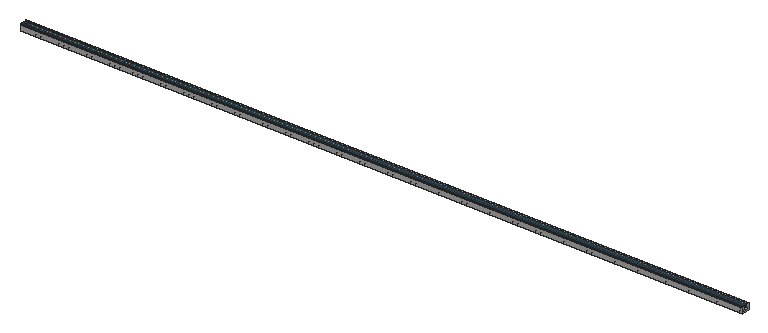
Revit family "PS0810", category Luminarias, Revit 2019
Family settings
  Cota de conector redondo = Diámetro de uso
  Tipo de pieza = Normal
  Se basa en plano de trabajo = Sí
  Siempre vertical = No
  Corte con vacíos al cargar = No
  Origen de luz = No
  Compartido = Sí
  Punto de cálculo de habitación = No
Parameters (values of type "PERFIL_PS0810")
  Tapa Final 0810.1 = 1
  Keynote = ""
  Modelo = "PS0810"
  Lamp = ""
  Longitud = 1000 mm
  Fabricante = "BRILLANT"
  Default Elevation = 1219.2 mm
  Descripción = "PERFIL DE ALUMINIO CON DIFUSOR LECHOSO, PARA ALOJAR TIRA LUMINOSA DE HASTA 6.2MM DE ANCHO. INSTALACION SOBRE SUPERFICIES PLANAS, PERFIL DE CLIP MONTADO. IDEAL PARA ATENUAR EL BRILLO E INCORPORAR LA LUZ AL AMBIENTE.PRESENTACION DESDE 0.5 - 3 METROS, REQUEIRE ACCESORIOS COMO TAPA FINAL (CONSIDERAR 1 POR SEGMENTO DE PERFIL), CLIPS DE SUJECION LINEAL (CONSIDERAR 4 PZAS POR 1M DE PERFIL)"
  Costo USD_PS0810 [instance] = (Longitud / 1000 mm) * (6)  # 6
  Wattage Comments = ""
  Clips de Sujecion 0810.2 = (Longitud / 1000 mm) * (4)  # 4
Reference planes
  plane 1 "Centro (Frontal/Posterior)": y = 0
  plane 2: z = 0
  plane 3 "Centro (Izquierda/Derecha)": x = 0
  plane 4: x = -1000
Forms (mm)
  Extrusion 1, solid, material "Aluminio"
    sketch origin (37.527, 0, 32.853) x (0, 0, 1) y (0, -1, 0)
      loop
        line (-32.853, 5) -> (-32.853, -5) -> (-26.124, -5) -> (-26.124, -4.2) -> (-25.324, -4.2) -> (-25.324, -5) -> (-24.453, -5) -> (-24.453, -4.161) -> (-25.266, -3.023) -> (-26.222, -3.023)
        arc (-26.222, -3.023) -> (-27.022, -3.823) -> (-27.822, -3.023) r 0.8
        line (-27.822, -3.023) -> (-28.61, -3.023)
        arc (-28.61, -3.023) -> (-29.887, -4.418) -> (-31.244, -3.1) r 1.318
        line (-31.244, -3.1) -> (-32.054, -3.1) -> (-32.054, 3.1) -> (-31.244, 3.1)
        arc (-31.244, 3.1) -> (-29.887, 4.418) -> (-28.61, 3.023) r 1.318
        line (-28.61, 3.023) -> (-27.822, 3.023)
        arc (-27.822, 3.023) -> (-27.022, 3.823) -> (-26.222, 3.023) r 0.8
        line (-26.222, 3.023) -> (-25.266, 3.023) -> (-24.453, 4.161) -> (-24.453, 5) -> (-25.324, 5) -> (-25.324, 4.2) -> (-26.124, 4.2) -> (-26.124, 5) -> (-32.853, 5)
    from -1037.527 to -37.527
  Extrusion 2, solid, material "Difusor Lechoso"
    sketch origin (22.394, 0, 27.494) x (0, 0, 1) y (0, -1, 0)
      loop
        line (-19.094, -4.161) -> (-19.094, 4.161) -> (-19.907, 3.023) -> (-20.863, 3.023)
        arc (-20.863, 3.023) -> (-21.663, 3.823) -> (-22.463, 3.023) r 0.8
        line (-22.463, 3.023) -> (-22.463, 2.227) -> (-19.907, 2.227) -> (-19.907, -2.227) -> (-22.463, -2.227) -> (-22.463, -3.023)
        arc (-22.463, -3.023) -> (-21.663, -3.823) -> (-20.863, -3.023) r 0.8
        line (-20.863, -3.023) -> (-19.907, -3.023) -> (-19.094, -4.161)
    from -1022.394 to -22.394
Dimensions and locks
  "Longitud": plane 3 "Centro (Izquierda/Derecha)" to plane 4
  "Longitud": plane 4 to plane 3 "Centro (Izquierda/Derecha)"
  Extrusion 1 sketch curve to Extrusion 1 sketch curve = 8.4 mm
  Extrusion 1 to Extrusion 1 = 8.4 mm
  Extrusion 1 to Extrusion 1 = 6.2 mm
  Extrusion 1 to Extrusion 1 = 10 mm
  aligned and locked: level to plane 2
  aligned and locked: plane 4 to Extrusion 1
  aligned and locked: plane 3 "Centro (Izquierda/Derecha)" to Extrusion 1
  aligned and locked: plane 4 to Extrusion 2
  aligned and locked: plane 3 "Centro (Izquierda/Derecha)" to Extrusion 2
Automatic sketch dimensions
  level to Extrusion 1 sketch curve = 0.799 mm
  Extrusion 1 sketch curve to Extrusion 1 sketch curve = 0.81 mm  (x2)
  Extrusion 1 sketch curve to Extrusion 1 sketch curve = 1.318 mm  (x2)
  Extrusion 1 sketch curve to Extrusion 1 sketch curve = 1.316 mm  (x2)
  Extrusion 1 sketch curve to Extrusion 1 sketch curve = 0.788 mm  (x2)
  Extrusion 1 sketch curve to Extrusion 1 sketch curve = 0.8 mm  (x5)
  Extrusion 1 sketch curve to Extrusion 1 sketch curve = 1.671 mm
  Extrusion 1 sketch curve to Extrusion 1 sketch curve = 0.098 mm
  Extrusion 1 sketch curve to plane 1 "Centro (Frontal/Posterior)" = 3.023 mm
  Extrusion 1 sketch curve to Extrusion 1 sketch curve = 0.956 mm  (x2)
  Extrusion 1 sketch curve to Extrusion 1 sketch curve = 0.871 mm
  Extrusion 1 sketch curve to Extrusion 1 sketch curve = 1.137 mm  (x2)
  Extrusion 1 sketch curve to Extrusion 1 sketch curve = 1.177 mm  (x2)
  Extrusion 1 sketch curve to Extrusion 1 sketch curve = 0 mm  (x2)
  plane 1 "Centro (Frontal/Posterior)" to Extrusion 1 sketch curve = 3.023 mm
  Extrusion 1 sketch curve to Extrusion 1 sketch curve = 0.839 mm
  Extrusion 1 sketch curve to level = 0 mm
  plane 1 "Centro (Frontal/Posterior)" to Extrusion 2 sketch curve = 2.227 mm
  level to Extrusion 2 sketch curve = 5.031 mm
  Extrusion 2 sketch curve to Extrusion 2 sketch curve = 0 mm  (x3)
  Extrusion 2 sketch curve to Extrusion 2 sketch curve = 0.8 mm  (x2)
  plane 1 "Centro (Frontal/Posterior)" to Extrusion 2 sketch curve = 3.023 mm
  Extrusion 2 sketch curve to Extrusion 2 sketch curve = 0.956 mm
  Extrusion 2 sketch curve to plane 1 "Centro (Frontal/Posterior)" = 3.023 mm
  plane 1 "Centro (Frontal/Posterior)" to Extrusion 2 sketch curve = 4.161 mm
  Extrusion 2 sketch curve to Extrusion 2 sketch curve = 0.813 mm
  Extrusion 2 sketch curve to Extrusion 2 sketch curve = 1.137 mm
  Extrusion 2 sketch curve to plane 1 "Centro (Frontal/Posterior)" = 2.227 mm
